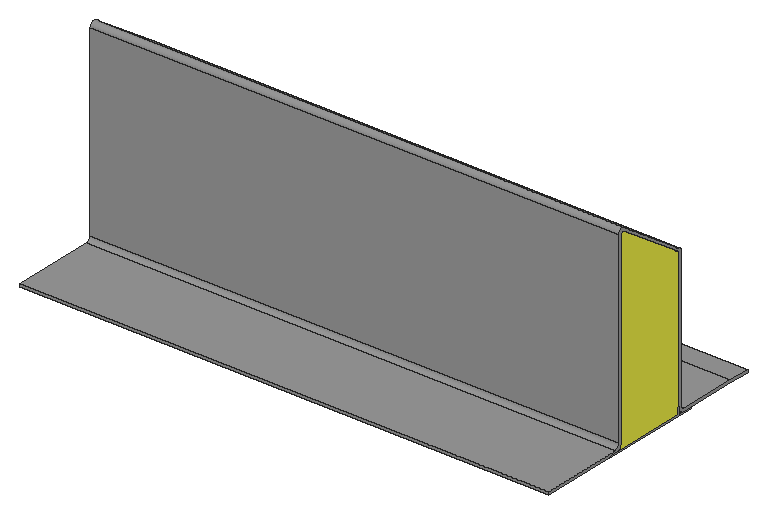
Revit family "sk 50", category Generic Models, Revit 2014
Parameters (values of type "Max lintel length 4800mm")
  URL = "http://www.keystonelintels.co.uk"
  Structural Opening [instance] = 300 mm
  Structural Performance = "The Keystone lintel range has safe working loads as detailed in each applicable loading table in the Keystone Lintel Guide brochure. The structural performance figures within each table have been ascertained by testing in accordance with the requirements of standards BS EN 5977-2: 1983 and BS EN 845-2: 2003."
  RIBA Productor Selector = "available for Keystone Lintels Ltd from Keystone Lintels Ltd from ribaproductselector.com"
  Model = "SK/50"
  Min Length = 600 mm
  Min Clear Span = 300 mm
  Max Length = 4800 mm
  Max Clear Span = 4800 mm
  Material - Stainless Steel = "Grade 304 2b 1.4307 to BS EN 10088-2. Other grades available on request: contact manufacturer."
  Material - Galvanised Steel = "To BS EN 10346: 2009. DX51D plus Z600 or grade Z275 to BS 5977-2: 1983 (BS EN 845-2: 2003)."
  Manufacturer = "Keystone"
  Manufactured Length [instance] = (roundup(Effective Length / 150 mm) * 150 mm)  # 600 mm
  Lintel height [instance] = 2100 mm
  Keynote = "F30/755"
  Fire Performance = "Keystone lintels have been subjected to a fire test (WARRES No. 101263) in accordance with BS 476-20: 1987, at Exova Warrington Fire and achieved a one hour fire performance."
  End Bearing = 150 mm
  Effective Length [instance] = Clear Opening with MIN MAX set + End Bearing * 2  # 600 mm
  Corrosion = "Keystone’s standard range of lintels are manufactured from high quality grade pre-galvanized carbon steel with a zinc coating of 600"
  Contact Tel = "+44 (0)28 8676 2184"
  Contact Email = "info@keystonelintels.co.uk"
  Clear Opening with MIN MAX set [instance] = if(Structural Opening < Min Clear Span, Min Clear Span, (if(Structural Opening > Max Clear Span, Max Clear Span, Structural Opening)))  # 300 mm
  CPD Information = "Available for Keystone Lintels Ltd from ribacpd.com"
Reference planes
  plane 1 "Center (Front/Back)": y = 0
  plane 2: z = 0
  plane 3 "Center (Left/Right)": x = 0
  plane 4: x = -300
  plane 5: x = 300
  plane 6: z = 2100
  plane 7: x = -150
  plane 8: x = 150
Forms (mm)
  Extrusion 1, solid, material "Steel"
    sketch origin (0, 713.339, 801.772) x (0, 1, 0) y (0, 0, 1)
      loop
        line (-600.486, 1301.428) -> (-665.486, 1301.428)
        arc (-665.486, 1301.428) -> (-669.022, 1302.892) -> (-670.486, 1306.428) r 5
        line (-670.486, 1306.428) -> (-670.486, 1463.725)
        arc (-670.486, 1463.725) -> (-671.074, 1466.127) -> (-672.704, 1467.985) r 5.2
        line (-672.704, 1467.985) -> (-750.304, 1522.314)
        arc (-750.304, 1522.314) -> (-755.687, 1522.667) -> (-758.486, 1518.054) r 5.2
        line (-758.486, 1518.054) -> (-758.486, 1306.428)
        arc (-758.486, 1306.428) -> (-759.951, 1302.892) -> (-763.486, 1301.428) r 5
        line (-763.486, 1301.428) -> (-858.486, 1301.428) -> (-858.486, 1298.228) -> (-763.486, 1298.228)
        arc (-763.486, 1298.228) -> (-757.688, 1300.63) -> (-755.286, 1306.428) r 8.2
        line (-755.286, 1306.428) -> (-755.286, 1518.054)
        arc (-755.286, 1518.054) -> (-754.21, 1519.828) -> (-752.139, 1519.693) r 2
        line (-752.139, 1519.693) -> (-674.539, 1465.364)
        arc (-674.539, 1465.364) -> (-673.912, 1464.649) -> (-673.686, 1463.725) r 2
        line (-673.686, 1463.725) -> (-673.686, 1306.428)
        arc (-673.686, 1306.428) -> (-671.284, 1300.63) -> (-665.486, 1298.228) r 8.2
        line (-665.486, 1298.228) -> (-600.542, 1298.228) -> (-575.599, 1297.36) -> (-575.486, 1300.558) -> (-600.486, 1301.428)
    from -300 to 300
  Extrusion 2, solid, not visible
    sketch origin (0, 476.5, 764.25) x (0, 1, 0) y (0, 0, 1)
      loop
        line (-600.486, 1001.428) -> (-665.486, 1001.428)
        arc (-665.486, 1001.428) -> (-669.022, 1002.892) -> (-670.486, 1006.428) r 5
        line (-670.486, 1006.428) -> (-670.486, 1163.725)
        arc (-670.486, 1163.725) -> (-671.074, 1166.127) -> (-672.704, 1167.985) r 5.2
        line (-672.704, 1167.985) -> (-750.304, 1222.314)
        arc (-750.304, 1222.314) -> (-755.687, 1222.667) -> (-758.486, 1218.054) r 5.2
        line (-758.486, 1218.054) -> (-758.486, 1006.428)
        arc (-758.486, 1006.428) -> (-759.951, 1002.892) -> (-763.486, 1001.428) r 5
        line (-763.486, 1001.428) -> (-858.486, 1001.428) -> (-858.486, 998.228) -> (-763.486, 998.228)
        arc (-763.486, 998.228) -> (-757.688, 1000.63) -> (-755.286, 1006.428) r 8.2
        line (-755.286, 1006.428) -> (-755.286, 1218.054)
        arc (-755.286, 1218.054) -> (-754.21, 1219.828) -> (-752.139, 1219.693) r 2
        line (-752.139, 1219.693) -> (-674.539, 1165.364)
        arc (-674.539, 1165.364) -> (-673.912, 1164.649) -> (-673.686, 1163.725) r 2
        line (-673.686, 1163.725) -> (-673.686, 1006.428)
        arc (-673.686, 1006.428) -> (-671.284, 1000.63) -> (-665.486, 998.228) r 8.2
        line (-665.486, 998.228) -> (-600.542, 998.228) -> (-575.599, 997.36) -> (-575.486, 1000.558) -> (-600.486, 1001.428)
    from 0 to 250
  Extrusion 3, solid, material "Insulation"
    sketch origin (0, 713.339, 801.772) x (0, 1, 0) y (0, 0, 1)
      loop
        arc (-665.486, 1298.228) -> (-671.284, 1300.63) -> (-673.686, 1306.428) r 8.2
        line (-673.686, 1306.428) -> (-673.686, 1463.725)
        arc (-673.686, 1463.725) -> (-673.912, 1464.649) -> (-674.539, 1465.364) r 2
        line (-674.539, 1465.364) -> (-752.139, 1519.693)
        arc (-752.139, 1519.693) -> (-754.21, 1519.828) -> (-755.286, 1518.054) r 2
        line (-755.286, 1518.054) -> (-755.286, 1306.428)
        arc (-755.286, 1306.428) -> (-757.688, 1300.63) -> (-763.486, 1298.228) r 8.2
        line (-763.486, 1298.228) -> (-674.986, 1298.228) -> (-674.986, 1306.228) -> (-673.986, 1306.228) -> (-673.986, 1298.228) -> (-665.486, 1298.228)
    from -300 to 300
  Extrusion 4, solid, not visible
    sketch origin (0, 214.797, 53.538) x (0, 1, 0) y (0, 0, 1)
      loop
        arc (-665.486, 998.228) -> (-671.284, 1000.63) -> (-673.686, 1006.428) r 8.2
        line (-673.686, 1006.428) -> (-673.686, 1163.725)
        arc (-673.686, 1163.725) -> (-673.912, 1164.649) -> (-674.539, 1165.364) r 2
        line (-674.539, 1165.364) -> (-752.139, 1219.693)
        arc (-752.139, 1219.693) -> (-754.21, 1219.828) -> (-755.286, 1218.054) r 2
        line (-755.286, 1218.054) -> (-755.286, 1006.428)
        arc (-755.286, 1006.428) -> (-757.688, 1000.63) -> (-763.486, 998.228) r 8.2
        line (-763.486, 998.228) -> (-674.986, 998.228) -> (-674.986, 1006.228) -> (-673.986, 1006.228) -> (-673.986, 998.228) -> (-665.486, 998.228)
    from 0 to 250
  Extrusion 5, solid, material "Steel"
    sketch origin (0, 713.339, 801.772) x (0, 1, 0) y (0, 0, 1)
      loop
        line (-673.986, 1298.228) -> (-673.986, 1306.228) -> (-674.986, 1306.228) -> (-674.986, 1298.228) -> (-771.986, 1298.228) -> (-771.986, 1297.228) -> (-656.986, 1297.228) -> (-656.986, 1298.228) -> (-673.986, 1298.228)
    from -300 to 300
  Extrusion 6, solid, not visible
    sketch origin (0, 908.275, 896.271) x (0, 1, 0) y (0, 0, 1)
      loop
        line (-673.986, 998.228) -> (-673.986, 1006.228) -> (-674.986, 1006.228) -> (-674.986, 998.228) -> (-771.986, 998.228) -> (-771.986, 997.228) -> (-656.986, 997.228) -> (-656.986, 998.228) -> (-673.986, 998.228)
    from 0 to 250
Dimensions and locks
  equal spacing: plane 4, plane 3 "Center (Left/Right)", plane 5
  "Manufactured Length": plane 4 to plane 5
  "Lintel height": plane 6 to level
  "Structural Opening": plane 7 to plane 8
  equal spacing: plane 7, plane 3 "Center (Left/Right)", plane 8
  aligned and locked: level to plane 2
  aligned and locked: Extrusion 1 to plane 6
  aligned and locked: Extrusion 3 to plane 6
  aligned and locked: plane 6 to Extrusion 5
  aligned and locked: Extrusion 1 to plane 4
  aligned and locked: plane 5 to Extrusion 1
  aligned and locked: plane 5 to Extrusion 3
  aligned and locked: Extrusion 3 to plane 4
  aligned and locked: plane 5 to Extrusion 5
  aligned and locked: Extrusion 5 to plane 4
Automatic sketch dimensions
  Extrusion 1 sketch curve to Extrusion 1 sketch curve = 65 mm
  Extrusion 1 sketch curve to Extrusion 1 sketch curve = 25 mm
  Extrusion 1 sketch curve to Extrusion 1 sketch curve = 0.87 mm
  Extrusion 1 sketch curve to Extrusion 1 sketch curve = 5 mm  (x2)
  Extrusion 1 sketch curve to Extrusion 1 sketch curve = 157.297 mm
  Extrusion 1 sketch curve to Extrusion 1 sketch curve = 5.2 mm
  Extrusion 1 sketch curve to Extrusion 1 sketch curve = 2.218 mm
  Extrusion 1 sketch curve to Extrusion 1 sketch curve = 77.6 mm
  Extrusion 1 sketch curve to Extrusion 1 sketch curve = 54.329 mm
  Extrusion 1 sketch curve to Extrusion 1 sketch curve = 2.982 mm
  Extrusion 1 sketch curve to Extrusion 1 sketch curve = 4.26 mm
  Extrusion 1 sketch curve to Extrusion 1 sketch curve = 0 mm  (x17)
  Extrusion 1 sketch curve to Extrusion 1 sketch curve = 95 mm
  Extrusion 1 sketch curve to Extrusion 1 sketch curve = 3.2 mm
  Extrusion 1 sketch curve to Extrusion 1 sketch curve = 1.147 mm  (x2)
  Extrusion 1 sketch curve to Extrusion 1 sketch curve = 1.638 mm
  Extrusion 1 sketch curve to Extrusion 1 sketch curve = 0.056 mm
  Extrusion 1 sketch curve to Extrusion 1 sketch curve = 0.112 mm
  Extrusion 1 sketch curve to Extrusion 1 sketch curve = 3.198 mm
  Extrusion 2 sketch curve to Extrusion 2 sketch curve = 65 mm
  Extrusion 2 sketch curve to Extrusion 2 sketch curve = 25 mm
  Extrusion 2 sketch curve to Extrusion 2 sketch curve = 0.87 mm
  Extrusion 2 sketch curve to Extrusion 2 sketch curve = 5 mm  (x2)
  Extrusion 2 sketch curve to Extrusion 2 sketch curve = 157.297 mm
  Extrusion 2 sketch curve to Extrusion 2 sketch curve = 5.2 mm
  Extrusion 2 sketch curve to Extrusion 2 sketch curve = 2.218 mm
  Extrusion 2 sketch curve to Extrusion 2 sketch curve = 77.6 mm
  Extrusion 2 sketch curve to Extrusion 2 sketch curve = 54.329 mm
  Extrusion 2 sketch curve to Extrusion 2 sketch curve = 2.982 mm
  Extrusion 2 sketch curve to Extrusion 2 sketch curve = 4.26 mm
  Extrusion 2 sketch curve to Extrusion 2 sketch curve = 0 mm  (x17)
  Extrusion 2 sketch curve to Extrusion 2 sketch curve = 95 mm
  Extrusion 2 sketch curve to Extrusion 2 sketch curve = 3.2 mm
  Extrusion 2 sketch curve to Extrusion 2 sketch curve = 1.147 mm  (x2)
  Extrusion 2 sketch curve to Extrusion 2 sketch curve = 1.638 mm
  Extrusion 2 sketch curve to Extrusion 2 sketch curve = 0.056 mm
  Extrusion 2 sketch curve to Extrusion 2 sketch curve = 0.112 mm
  Extrusion 2 sketch curve to Extrusion 2 sketch curve = 3.198 mm
  Extrusion 1 sketch curve to plane 6 = 0 mm
  plane 1 "Center (Front/Back)" to Extrusion 1 sketch curve = 145.147 mm
  Extrusion 3 sketch curve to Extrusion 3 sketch curve = 2 mm
  Extrusion 3 sketch curve to Extrusion 3 sketch curve = 1.147 mm  (x2)
  Extrusion 3 sketch curve to Extrusion 3 sketch curve = 77.6 mm
  Extrusion 3 sketch curve to Extrusion 3 sketch curve = 80.3 mm
  Extrusion 3 sketch curve to Extrusion 3 sketch curve = 1 mm
  Extrusion 3 sketch curve to Extrusion 3 sketch curve = 0.3 mm
  Extrusion 3 sketch curve to Extrusion 3 sketch curve = 8.2 mm  (x2)
  Extrusion 3 sketch curve to Extrusion 3 sketch curve = 0 mm
  Extrusion 3 sketch curve to Extrusion 3 sketch curve = 0.2 mm
  Extrusion 3 sketch curve to Extrusion 3 sketch curve = 157.297 mm
  Extrusion 3 sketch curve to Extrusion 3 sketch curve = 54.329 mm
  Extrusion 4 sketch curve to Extrusion 4 sketch curve = 2 mm
  Extrusion 4 sketch curve to Extrusion 4 sketch curve = 1.147 mm  (x2)
  Extrusion 4 sketch curve to Extrusion 4 sketch curve = 77.6 mm
  Extrusion 4 sketch curve to Extrusion 4 sketch curve = 80.3 mm
  Extrusion 4 sketch curve to Extrusion 4 sketch curve = 1 mm
  Extrusion 4 sketch curve to Extrusion 4 sketch curve = 0.3 mm
  Extrusion 4 sketch curve to Extrusion 4 sketch curve = 8.2 mm  (x2)
  Extrusion 4 sketch curve to Extrusion 4 sketch curve = 0 mm
  Extrusion 4 sketch curve to Extrusion 4 sketch curve = 0.2 mm
  Extrusion 4 sketch curve to Extrusion 4 sketch curve = 157.297 mm
  Extrusion 4 sketch curve to Extrusion 4 sketch curve = 54.329 mm
  Extrusion 5 sketch curve to Extrusion 5 sketch curve = 17 mm
  Extrusion 5 sketch curve to Extrusion 5 sketch curve = 8 mm
  Extrusion 5 sketch curve to Extrusion 5 sketch curve = 1 mm  (x2)
  Extrusion 5 sketch curve to Extrusion 5 sketch curve = 0 mm
  Extrusion 5 sketch curve to Extrusion 5 sketch curve = 97 mm
  Extrusion 6 sketch curve to Extrusion 6 sketch curve = 17 mm
  Extrusion 6 sketch curve to Extrusion 6 sketch curve = 8 mm
  Extrusion 6 sketch curve to Extrusion 6 sketch curve = 1 mm  (x2)
  Extrusion 6 sketch curve to Extrusion 6 sketch curve = 0 mm
  Extrusion 6 sketch curve to Extrusion 6 sketch curve = 97 mm
  Extrusion 3 sketch curve to plane 6 = 0 mm
  plane 1 "Center (Front/Back)" to Extrusion 3 sketch curve = 50.147 mm
  Extrusion 5 sketch curve to plane 6 = 0 mm
  plane 1 "Center (Front/Back)" to Extrusion 5 sketch curve = 58.647 mm
